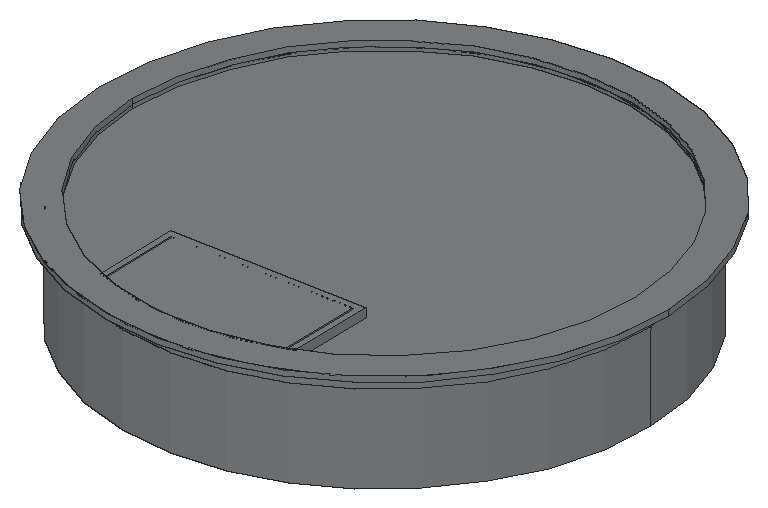
Revit family "Geräteeinsätze GES_Geräteeinsatz_GESR9_mit_Griffbügel", category Generic Models, Revit 2015
Parameters (values of type "GESR9 U 7011")
  URL = "http://www.obo-bettermann.com"
  Snur width = 111 mm
  Outer Diameter Dimension = 324 mm
  Material = Plastic RAL 7011
  Manufacturer Art. No. = "7405528"
  Manufacturer = "OBO Bettermann"
  Inner cut2 = 208 mm
  Inner cut 3 = 230 mm
  Inner cut = 287 mm
  Height = 60 mm
  GTIN = "4012195104162"
  Diameter dimesion = 304 mm
  Bodenbelagdicke = 5.1 mm
  Article Type = "GESR9 U 7011"
Types (4, lengths in mm): name | Material | Manufacturer Art. No. | GTIN | Article Type
  (no name) | Plastic RAL 7011 | "7405528" | "4012195104162" | "GESR9 U 7011"
  GESR9 U 7011 | Plastic RAL 7011 | "7405528" | "4012195104162" | "GESR9 U 7011"
  GESR9 U 9011 | Plastic RAL 9011 | "7405532" | "4012195104209" | "GESR9 U 9011"
  GESR9 U 1019 | Plastic RAL 1019 | "7405536" | "4012195104216" | "GESR9 U 1019"
Reference planes
  plane 1 "Center (Front/Back)": y = 0
  plane 2: z = 0
  plane 3 "Center (Left/Right)": x = 0
  plane 4: z = -60
  plane 5: z = 3
  plane 6: z = -2.1
  plane 7: x = 115
  plane 8: x = -115
  plane 9: y = -104
  plane 10: y = 104
  plane 11: y = -87.445
  plane 12: y = 87.445
  plane 13: x = -96.764
  plane 14: x = 96.764
  plane 15: z = -9.1
  plane 16: x = -55.5
  plane 17: x = 55.5
  plane 18: y = -82.6
  plane 19: x = -52.3
  plane 20: x = 52.3
  plane 21: y = -86.43
  plane 22: y = -122.43
  plane 23: y = -87.43
  plane 24: x = -51.3
  plane 25: x = 51.3
  plane 26: y = -121.43
Forms (mm)
  Extrusion 1, solid, material "Plastic RAL 7011" <- "Material"
    sketch origin (0, 0, 0) x (1, 0, 0) y (0, 1, 0)
      loop
        circle (0, 0) r 162
    from 0 to 3
  Extrusion 2, void
    sketch origin (0, 0, 0) x (1, 0, 0) y (0, 1, 0)
      loop
        circle (0, 0) r 143.5
    from -2.1 to 3
  Extrusion 3, solid, material "Plastic RAL 7011" <- "Material"
    sketch origin (0, 0, 0) x (1, 0, 0) y (0, 1, 0)
      loop
        circle (0, 0) r 152
      loop
        circle (0, 0) r 143.5
    from -2.1 to 0
  Extrusion 4, solid, material "Plastic RAL 7011" <- "Material"
    sketch origin (0, 0, 0) x (1, 0, 0) y (0, 1, 0)
      loop
        circle (0, 0) r 152
    from -9.1 to -2.1
  Extrusion 5, solid, material "Plastic RAL 7011" <- "Material"
    sketch origin (0, 0, 0) x (1, 0, 0) y (0, 1, 0)
      loop
        circle (0, 0) r 152
      loop
        line (96.764, -104) -> (115, -87.445) -> (115, 0) -> (115, 87.445) -> (96.764, 104) -> (-96.764, 104) -> (-115, 87.445) -> (-115, -87.445) -> (-96.764, -104) -> (96.764, -104)
    from -60 to -9.1
  Extrusion 6, solid, material "Plastic RAL 7011" <- "Material"
    sketch origin (0, 0, 0) x (1, 0, 0) y (0, 1, 0)
      loop
        line (-55.5, -82.6) -> (-55.5, -132.333)
        arc (-55.5, -132.333) -> (0, -143.5) -> (55.5, -132.333) r 143.5
        line (55.5, -132.333) -> (55.5, -82.6) -> (-55.5, -82.6)
    from -2.1 to 3
  Extrusion 7, void
    sketch origin (0, 0, 0) x (1, 0, 0) y (0, 1, 0)
      loop
        line (52.3, -86.43) -> (-52.3, -86.43) -> (-52.3, -132.197)
        arc (-52.3, -132.197) -> (-51.8, -132.417) -> (-51.3, -132.634) r 130
        line (-51.3, -132.634) -> (-51.3, -87.43) -> (51.3, -87.43) -> (51.3, -133.169)
        arc (51.3, -133.169) -> (51.8, -132.936) -> (52.3, -132.701) r 130
        line (52.3, -132.701) -> (52.3, -86.43)
    from -9.1 to 3
Cuts and joins
  Extrusion 2, Extrusion 7 cuts Extrusion 1
  Extrusion 7 cuts Extrusion 6
Lines and regions (mm)
  model lines
    curve 1: line (0, -82.75, -60) -> (0, -82.75, -50)
    curve 2: line (0, 82.75, -50) -> (0, 82.75, -60)
    curve 3: line (0, 82.75, -60) -> (0, 82.75, -50)
    curve 5: circle (0, 0, 0) r 162 normal (0, 0, 1)
    curve 7: circle (0, 0, 0) r 152 normal (0, 0, 1)
    curve 9: circle (0, 0, 0) r 143.5 normal (0, 0, 1)
    curve 10: line (115, 0, 0) -> (115, -87.445, 0)
    curve 11: line (96.764, -104, 0) -> (-96.764, -104, 0)
    curve 12: line (-115, -87.445, 0) -> (-115, 87.445, 0)
    curve 13: line (-96.764, 104, 0) -> (96.764, 104, 0)
    curve 14: line (-115, 87.445, 0) -> (-96.764, 104, 0)
    curve 15: line (115, 87.445, 0) -> (115, 0, 0)
    curve 16: line (115, 87.445, 0) -> (96.764, 104, 0)
    curve 17: line (-115, -87.445, 0) -> (-96.764, -104, 0)
    curve 18: line (115, -87.445, 0) -> (96.764, -104, 0)
    curve 19: line (-55.5, -132.333, 0) -> (-55.5, -82.6, 0)
    curve 20: line (55.5, -82.6, 0) -> (55.5, -132.333, 0)
    curve 21: line (-52.3, -86.43, 0) -> (-52.3, -133.63, 0)
    curve 22: line (52.3, -133.63, 0) -> (52.3, -86.43, 0)
    curve 23: line (52.3, -86.43, 0) -> (-52.3, -86.43, 0)
    curve 24: line (-51.3, -87.43, 0) -> (-51.3, -134.017, 0)
    curve 25: line (51.3, -134.017, 0) -> (51.3, -87.43, 0)
    curve 26: line (51.3, -87.43, 0) -> (-51.3, -87.43, 0)
    curve 27: line (-55.5, -82.6, 0) -> (55.5, -82.6, 0)
  reference lines
    curve 4: circle (0, 0, 0) r 162 normal (0, 0, 1)
    curve 6: circle (0, 0, 0) r 152 normal (0, 0, 1)
    curve 8: circle (0, 0, 0) r 143.5 normal (0, 0, 1)
Dimensions and locks
  "Height": plane 4 to level
  locked: level to plane 5 at 3
  "Bodenbelagdicke": plane 6 to plane 5
  equal spacing: plane 10, plane 1 "Center (Front/Back)", plane 9
  "Inner cut2": plane 10 to plane 9
  equal spacing: plane 8, plane 3 "Center (Left/Right)", plane 7
  "Inner cut 3": plane 8 to plane 7
  locked: plane 10 to plane 12 at 16.555
  locked: plane 11 to plane 9 at 16.555
  locked: plane 8 to plane 13 at 18.236
  locked: plane 14 to plane 7 at 18.236
  locked: plane 15 to plane 6 at 7
  equal spacing: plane 16, plane 3 "Center (Left/Right)", plane 17
  "Snur width": plane 16 to plane 17
  locked: plane 21 to plane 22 at 36
  locked: plane 26 to plane 22 at 1
  locked: plane 19 to plane 24 at 1
  locked: plane 25 to plane 20 at 1
  locked: plane 21 to plane 23 at 1
  locked: plane 1 "Center (Front/Back)" to plane 18 at 82.6
  equal spacing: plane 19, plane 3 "Center (Left/Right)", plane 20
  locked: plane 19 to plane 20 at 104.6
  "Outer Diameter Dimension": diameter of curve 4
  "Diameter dimesion": diameter of curve 6
  "Inner cut": diameter of curve 8
  radius of Extrusion 6 sketch curve = 143.5 mm
  aligned and locked: level to plane 2
  aligned and locked: curve 5 to curve 4
  aligned and locked: Extrusion 1 sketch curve to curve 5
  aligned and locked: Extrusion 1 to level
  aligned and locked: plane 5 to Extrusion 1
  aligned and locked: curve 7 to curve 6
  aligned and locked: curve 9 to curve 8
  aligned and locked: Extrusion 2 sketch curve to curve 9
  aligned and locked: Extrusion 2 to plane 6
  aligned and locked: plane 5 to Extrusion 2
  aligned and locked: curve 10 to plane 7
  aligned and locked: plane 9 to curve 11
  aligned and locked: plane 8 to curve 12
  aligned and locked: curve 13 to plane 10
  aligned and locked: Extrusion 3 sketch curve to curve 7
  aligned and locked: Extrusion 3 sketch curve to cut or joined group of Extrusion 1, Extrusion 2, Extrusion 7  (x2)
  aligned and locked: level to Extrusion 3
  aligned and locked: Extrusion 3 to plane 6
  aligned and locked: Extrusion 4 sketch curve to Extrusion 3  (x2)
  aligned and locked: plane 6 to Extrusion 4
  aligned and locked: Extrusion 4 to plane 15
  aligned and locked: Extrusion 5 sketch curve to Extrusion 3  (x2)
  aligned and locked: Extrusion 5 sketch curve to curve 11
  aligned and locked: Extrusion 5 sketch curve to curve 18
  aligned and locked: Extrusion 5 sketch curve to curve 10
  aligned and locked: Extrusion 5 sketch curve to curve 15
  aligned and locked: Extrusion 5 sketch curve to curve 16
  aligned and locked: Extrusion 5 sketch curve to curve 13
  aligned and locked: Extrusion 5 sketch curve to curve 14
  aligned and locked: Extrusion 5 sketch curve to curve 12
  aligned and locked: Extrusion 5 sketch curve to curve 17
  aligned and locked: Extrusion 5 to plane 4
  aligned and locked: Extrusion 5 to plane 15
  aligned and locked: curve 19 to plane 16
  aligned and locked: curve 20 to plane 17
  aligned and locked: curve 21 to plane 19
  aligned and locked: curve 22 to plane 20
  aligned and locked: curve 23 to plane 21
  aligned and locked: curve 24 to plane 24
  aligned and locked: curve 25 to plane 25
  aligned and locked: curve 26 to plane 23
  aligned and locked: curve 27 to plane 18
  aligned and locked: Extrusion 6 sketch curve to curve 27
  aligned and locked: Extrusion 6 to plane 6
  aligned and locked: plane 5 to Extrusion 6
  aligned and locked: Extrusion 7 sketch curve to curve 23
  aligned and locked: Extrusion 7 sketch curve to curve 26
  aligned and locked: Extrusion 7 sketch curve to curve 21
  aligned and locked: Extrusion 7 sketch curve to curve 24
  aligned and locked: curve 25 to Extrusion 7 sketch curve
  aligned and locked: curve 22 to Extrusion 7 sketch curve
  aligned and locked: plane 15 to Extrusion 7
  aligned and locked: plane 5 to Extrusion 7
  aligned and locked: Extrusion 6 sketch curve to curve 19
  aligned and locked: Extrusion 6 sketch curve to plane 17
Automatic sketch dimensions
  curve 2 to plane 4 = 0 mm
  curve 1 to plane 4 = 0 mm
  plane 1 "Center (Front/Back)" to curve 1 = 82.75 mm
  curve 2 to plane 1 "Center (Front/Back)" = 82.75 mm
  curve 2 to curve 2 = 10 mm
  curve 1 to curve 1 = 10 mm
  curve 4 to curve 8 = 0 mm  (x2)
  curve 6 to curve 8 = 0 mm  (x2)
  plane 1 "Center (Front/Back)" to curve 6 = 0 mm
  curve 6 to plane 3 "Center (Left/Right)" = 0 mm
  plane 11 to Extrusion 5 sketch curve = 0 mm
  Extrusion 5 sketch curve to plane 14 = 0 mm
  plane 1 "Center (Front/Back)" to Extrusion 5 sketch curve = 0 mm
  curve 13 to plane 13 = 0 mm
  curve 11 to plane 13 = 0 mm
  curve 18 to plane 14 = 0 mm
  curve 16 to plane 14 = 0 mm
  curve 18 to plane 11 = 0 mm
  curve 17 to plane 11 = 0 mm
  plane 1 "Center (Front/Back)" to curve 15 = 0 mm
  plane 12 to curve 16 = 0 mm
  curve 12 to plane 12 = 0 mm
  Extrusion 7 sketch curve to Extrusion 7 sketch curve = 3.62 mm
  Extrusion 7 sketch curve to Extrusion 7 sketch curve = 1.898 mm
  plane 1 "Center (Front/Back)" to Extrusion 7 sketch curve = 13.308 mm
  plane 3 "Center (Left/Right)" to Extrusion 7 sketch curve = 0.288 mm
  Extrusion 7 sketch curve to plane 26 = 11.27 mm
  Extrusion 7 sketch curve to plane 26 = 10.766 mm
  plane 1 "Center (Front/Back)" to Extrusion 6 sketch curve = 0 mm
  Extrusion 6 sketch curve to plane 3 "Center (Left/Right)" = 0 mm
